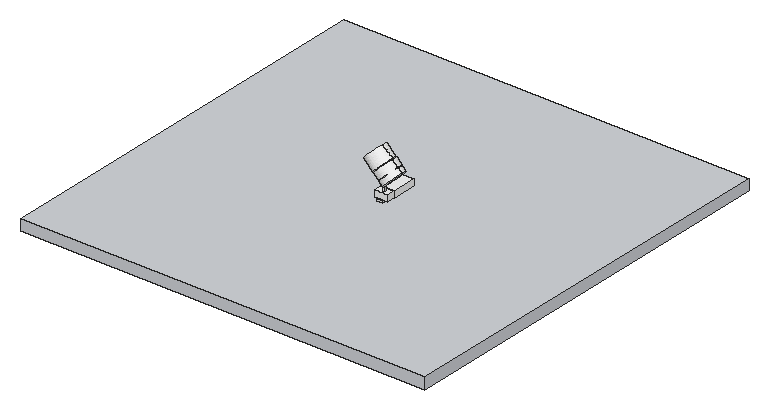
Revit family "Zumtobel VIVO L LED", category Lighting Fixtures, host Face, Revit 2016
Family settings
  Host = Face
  Part Type = Normal
  Round Connector Dimension = Use Diameter
  OmniClass Number = 23.80.70.11
  OmniClass Title = Luminaries for Internal Lighting
  Cut with Voids When Loaded = No
  Light Source = No
  Shared = No
  Room Calculation Point = No
Parameters (values of type "VIVO L LED4800 3CV")
  Width = 260.00 mm
  Voltage = 230 V
  URL = "http://www.zumtobel.com/60714859"
  Type Comments = "© Zumtobel. We reserve the right to make technical changes without prior notice."  # constant formula
  Tecton Track = no
  Model = "60714859"
  Manufacturer = "Zumtobel Lighting"  # constant formula
  Length = 130.00 mm  # constant formula
  Lamp = "LED"
  Height = 250.00 mm
  Emit Shape Visible in Rendering = yes
  Description = "LED Spotlight - Large"
  Body Type = Zumtobel VIVO L Body : VIVO L LED4800 3CV
  Body [instance] = Zumtobel_Metal_White
  Apparent Load = 58.5 VA
  Angle [instance] = 45.00°
  Rotation [instance] = 90.00°
  Default Elevation = 0.00 mm
  Assembly Code = "D5020200"
  Converter [instance] = Zumtobel_Metal_White
  3CV Track = not(Tecton Track)  # yes
Types (8, lengths in mm): name | Width | URL | Tecton Track | Model | Height | Body Type | Apparent Load | 3CV Track
  VIVO L LED6000 3CV | 260.00 | "http://www.zumtobel.com/60714032" | no | "60714032" | 250.00 | Zumtobel VIVO L Body : VIVO L LED6000 3CV | 58.5 VA | yes
  VIVO L LED6000 TEC | 498.00 | "http://www.zumtobel.com/60714056" | yes | "60714056" | 232.00 | Zumtobel VIVO L Body : VIVO L LED6000 TEC | 61.2 VA | no
  VIVO L LED5000 3CV | 260.00 | "http://www.zumtobel.com/60714068" | no | "60714068" | 250.00 | Zumtobel VIVO L Body : VIVO L LED5000 3CV | 58.5 VA | yes
  VIVO L LED5000 TEC | 498.00 | "http://www.zumtobel.com/60714092" | yes | "60714092" | 232.00 | Zumtobel VIVO L Body : VIVO L LED5000 TEC | 61.2 VA | no
  VIVO L LED5800 3CV | 260.00 | "http://www.zumtobel.com/60714835" | no | "60714835" | 250.00 | Zumtobel VIVO L Body : VIVO L LED5800 3CV | 58.5 VA | yes
  VIVO L LED5800 TEC | 498.00 | "http://www.zumtobel.com/60714851" | yes | "60714851" | 232.00 | Zumtobel VIVO L Body : VIVO L LED5800 TEC | 58.5 VA | no
  VIVO L LED4800 3CV | 260.00 | "http://www.zumtobel.com/60714859" | no | "60714859" | 250.00 | Zumtobel VIVO L Body : VIVO L LED4800 3CV | 58.5 VA | yes
  VIVO L LED4800 TEC | 260.00 | "http://www.zumtobel.com/60714875" | yes | "60714875" | 250.00 | Zumtobel VIVO L Body : VIVO L LED4800 TEC | 58.5 VA | no
Reference planes
  plane 1 "Center (Front/Back)": y = 0
  plane 2: z = 0
  plane 3 "Center (Left/Right)": x = 0
  plane 4: z = 132.95
  plane 5: y = 74.5
Forms (mm)
  Extrusion 1, solid
    sketch origin (0, 0, 0) x (1, 0, 0) y (0, 1, 0)
      loop
        line (-1219.2, 1219.2) -> (-1219.2, -1219.2) -> (1219.2, -1219.2) -> (1219.2, 1219.2) -> (-1219.2, 1219.2)
    from 0 to -66.193
  Extrusion 2, solid, material "Zumtobel_Metal_White" <- "Converter", visible <- "3CV Track"
    sketch origin (0, -500, 0) x (0, 1, 0) y (0, 0, 1)
      loop
        line (685, 8) -> (464, 8) -> (464, 0) -> (685, 0) -> (685, 8)
    from -17 to 17
  Extrusion 3, solid, material "Zumtobel_Metal_White" <- "Body"
    sketch origin (0, -500, 0) x (1, 0, 0) y (0, 1, 0)
      loop
        circle (0, 500) r 6
    from 46 to 128.819
  Extrusion 4, solid, material "Zumtobel_Metal_White" <- "Converter"
    sketch origin (0, -270, 0) x (0, 1, 0) y (0, 0, 1)
      loop
        line (442, 46) -> (295.5, 46) -> (295.5, 8) -> (442, 8) -> (442, 46)
      loop
        line (293, 46) -> (247, 46) -> (247, 8) -> (293, 8) -> (293, 46)
    from -41.5 to 41.5
  Extrusion 5, solid, material "Zumtobel_Metal_White" <- "Converter"
    sketch origin (0, -272.5, 0) x (0, 1, 0) y (0, 0, 1)
      loop
        line (298, 43.5) -> (295.5, 43.5) -> (295.5, 8) -> (298, 8) -> (298, 43.5)
    from -39 to 39
  Extrusion 6, solid, material "Zumtobel_Metal_White" <- "Converter", visible <- "Tecton Track"
    sketch origin (0, 0, 0) x (1, 0, 0) y (0, 0, 1)
      loop
        line (-30, -3.072) -> (-27.125, -3.072) -> (-27.125, -6.078) -> (-21.81, -6.078) -> (-21.81, 0) -> (21.81, 0) -> (21.81, -6.078) -> (27.125, -6.078) -> (27.125, -3.072) -> (30, -3.072) -> (30, 8) -> (-30, 8) -> (-30, -3.072)
    from -299.5 to 150.5
Lines and regions (mm)
  reference lines
    curve 1: line (901.7, 0, 0) -> (0, 0, 0)
Dimensions and locks
  locked: plane 4 to plane 2 at 132.95
  "Rotation": angle curve 1 to plane 3 "Center (Left/Right)"
  aligned and locked: plane 2 to Extrusion 1
  aligned and locked: level to Extrusion 1
  aligned and locked: plane 1 "Center (Front/Back)" to curve 1
  aligned and locked: plane 3 "Center (Left/Right)" to curve 1
  aligned: nested 1 to plane 1 "Center (Front/Back)"  (x2)
  aligned: curve 1 to nested 1
  aligned and locked: curve 1 to nested 1
Automatic sketch dimensions
  Extrusion 1 sketch curve to Extrusion 1 sketch curve = 2438.40 mm  (x2)
  Extrusion 2 sketch curve to level = 0.00 mm
  Extrusion 2 sketch curve to Extrusion 2 sketch curve = 8.00 mm
  plane 1 "Center (Front/Back)" to Extrusion 3 sketch curve = 0.00 mm
  Extrusion 3 sketch curve to plane 3 "Center (Left/Right)" = 0.00 mm
  level to Extrusion 5 sketch curve = 8.00 mm
  Extrusion 5 sketch curve to Extrusion 5 sketch curve = 35.50 mm
  Extrusion 5 sketch curve to Extrusion 5 sketch curve = 2.50 mm
  Extrusion 5 sketch curve to plane 1 "Center (Front/Back)" = 23.00 mm
  level to Extrusion 4 sketch curve = 8.00 mm  (x2)
  Extrusion 4 sketch curve to plane 1 "Center (Front/Back)" = 23.00 mm
  Extrusion 4 sketch curve to Extrusion 4 sketch curve = 2.50 mm
  Extrusion 4 sketch curve to Extrusion 4 sketch curve = 38.00 mm  (x2)
  Extrusion 6 sketch curve to level = 0.00 mm
  Extrusion 6 sketch curve to level = 3.072 mm  (x2)
  Extrusion 6 sketch curve to plane 3 "Center (Left/Right)" = 30.00 mm
  Extrusion 6 sketch curve to Extrusion 6 sketch curve = 2.875 mm  (x2)
  Extrusion 6 sketch curve to Extrusion 6 sketch curve = 5.315 mm  (x2)
  plane 3 "Center (Left/Right)" to Extrusion 6 sketch curve = 21.81 mm
  Extrusion 6 sketch curve to level = 6.078 mm
  Extrusion 6 sketch curve to Extrusion 6 sketch curve = 3.006 mm
  level to Extrusion 6 sketch curve = 8.00 mm
  plane 5 to Extrusion 2 sketch curve = 110.50 mm
  plane 5 to Extrusion 4 sketch curve = 97.50 mm
  plane 1 "Center (Front/Back)" to Extrusion 2 sketch curve = 36.00 mm
  plane 1 "Center (Front/Back)" to Extrusion 4 sketch curve = 23.00 mm
  radius of Extrusion 3 sketch curve = 6.00 mm
Nested families
  nested 1: "Zumtobel VIVO L Body" at (155, -200, 132.95) x (0, -1, 0) z (0, 0, -1), Angle <- "Angle", type <- "Body Type", Body <- "Body", type "VIVO L LED4800 3CV"
    with Body Zumtobel_Metal_White, Angle 45.00°
Connectors
  electrical at (0, 0, 0), driven by "Apparent Load", driven by "Voltage"
    settings: index 1, voltage 230 V, apparent load 0 VA, apparent load phase1 58.5 VA, apparent load phase2 0 VA, apparent load phase3 0 VA, power factor 1, load classification "Lighting", number of poles 1, system type 31, power factor state 1, is connector primary yes, connector utility no, sub classification motor no, connector description ""
Definition of nested family "Zumtobel VIVO L Body"
  Parameters (values of type "VIVO L 27W")
    Wattage = 13.4642 W
    built-in parameter 1150110 = 1 (stored number, unit not read)
    URL = ""
    built-in parameter 1114217 = 1 (stored number, unit not read)
    Tilt Angle = 60.00°
    built-in parameter 1150109 = 1 (stored number, unit not read)
    built-in parameter 1150134 = (empty or 0)
    built-in parameter 1150113 = 1 (stored number, unit not read)
    Photometric Web File = "ST6690.IES"
    Model = ""
    Manufacturer = "Zumtobel Lighting"  # constant formula
    built-in parameter 1150105 = 159.15 (stored number, unit not read)
    Lumens = 2000 lm
    built-in parameter 1150115 = 1 (stored number, unit not read)
    built-in parameter 1150137 = (empty or 0)
    built-in parameter 1150139 = (empty or 0)
    built-in parameter 1150112 = 1 (stored number, unit not read)
    built-in parameter 1150114 = 1 (stored number, unit not read)
    Lamp = ""
    built-in parameter 1150132 = 2
    built-in parameter 1150102 = (empty or 0)
    built-in parameter 1150107 = 3000 (stored number, unit not read)
    built-in parameter 1150138 = (empty or 0)
    built-in parameter 1150106 = 1.5915 (stored number, unit not read)
    built-in parameter 1150104 = 13.8 (stored number, unit not read)
    Dimming Lamp Color Temperature Shift = (empty or 0)
    Description = "Zumtobel VIVO L LED Body"  # constant formula
    Default Elevation = 0.00 mm
    Color Filter = 16777215
    Body [instance] = none
    built-in parameter 1114218 = 1 (stored number, unit not read)
    built-in parameter 1150133 = 10 (stored number, unit not read)
    Assembly Code = ""
    Apparent Load = 0 VA
    Angle [instance] = 90.00°
  Reference planes
    plane 1 "Top": z = 0
    plane 2 "Center (Front/Back)": y = -155
    plane 3 "Center (Left/Right)": x = -200
  Forms (mm)
    Revolve 1, solid, material <- "Body"
      sketch origin (-200, -155, 0) x (0, 0, -1) y (0, 1, 0)
        loop
          line (32.93, -24.952) -> (32.93, -22.41) -> (36.165, -22.41) -> (36.165, -24.952) -> (117.048, -24.952) -> (117.048, -17.214) -> (108.959, -14.119) -> (108.959, 40.048) -> (-47.952, 40.048) -> (-47.952, -24.952) -> (32.93, -24.952)
        axis (117.048, 40.048) -> (-47.952, 40.048)
      angle from 0 to 360
    Extrusion 2, void
      sketch origin (-200, -155, 0) x (0, 0, 1) y (0, 1, 0)
        loop
          line (5.805, 0) -> (5.805, -42.477) -> (54.926, -42.477) -> (54.926, 0) -> (5.805, 0)
      from -9 to 9
    Sweep 3, void
      path origin (-200, -155, 0) x (0, 0, -1) y (0, 1, 0)
        loop
          line (-47.952, 0) -> (-5.805, 0) -> (-5.805, -24.952)
      profile "Cut Profile 1 : Cut Profile 1" origin (-200, -155, 26.879) x (0, 1, 0) y (1, 0, 0)
        loop
          line (0, 9) -> (0, -9)
          arc (0, -9) -> (9, 0) -> (0, 9) r 9
    Sweep 4, void
      path origin (-200, -155, 0) x (0, 0, -1) y (0, 1, 0)
        loop
          line (-47.952, 0) -> (-12.952, 0)
      profile "Cut Profile 2 : Cut Profile 2" origin (-200, -155, 30.452) x (0, 1, 0) y (1, 0, 0)
        loop
          arc (27.069, -61.148) -> (33.002, -62.107) -> (39, -62.492) r 62.5
          line (39, -62.492) -> (39, -49.99)
          arc (39, -49.99) -> (34.402, -49.686) -> (29.851, -48.959) r 50
          line (29.851, -48.959) -> (27.069, -61.148)
        loop
          arc (13.787, -56.737) -> (19.358, -58.993) -> (25.119, -60.703) r 62.5
          line (25.119, -60.703) -> (27.901, -48.514)
          arc (27.901, -48.514) -> (23.486, -47.194) -> (19.211, -45.473) r 50
          line (19.211, -45.473) -> (13.787, -56.737)
        loop
          arc (1.819, -49.482) -> (6.748, -52.92) -> (11.985, -55.869) r 62.5
          line (11.985, -55.869) -> (17.409, -44.606)
          arc (17.409, -44.606) -> (13.398, -42.336) -> (9.614, -39.707) r 50
          line (9.614, -39.707) -> (1.819, -49.482)
        loop
          arc (-8.235, -39.745) -> (-4.194, -44.194) -> (0.255, -48.235) r 62.5
          line (0.255, -48.235) -> (8.05, -38.46)
          arc (8.05, -38.46) -> (4.645, -35.355) -> (1.54, -31.95) r 50
          line (1.54, -31.95) -> (-8.235, -39.745)
        loop
          arc (-15.869, -28.015) -> (-12.92, -33.252) -> (-9.482, -38.181) r 62.5
          line (-9.482, -38.181) -> (0.293, -30.386)
          arc (0.293, -30.386) -> (-2.336, -26.602) -> (-4.606, -22.591) r 50
          line (-4.606, -22.591) -> (-15.869, -28.015)
        loop
          arc (-5.473, -20.789) -> (-7.299, -16.213) -> (-8.665, -11.479) r 50
          line (-8.665, -11.479) -> (-21.437, -11.479)
          arc (-21.437, -11.479) -> (-19.545, -18.992) -> (-16.737, -26.213) r 62.5
          line (-16.737, -26.213) -> (-5.473, -20.789)
        loop
          line (27.069, 61.148) -> (29.851, 48.959)
          arc (29.851, 48.959) -> (34.402, 49.686) -> (39, 49.99) r 50
          line (39, 49.99) -> (39, 62.492)
          arc (39, 62.492) -> (33.002, 62.107) -> (27.069, 61.148) r 62.5
        loop
          line (13.787, 56.737) -> (19.211, 45.473)
          arc (19.211, 45.473) -> (23.486, 47.194) -> (27.901, 48.514) r 50
          line (27.901, 48.514) -> (25.119, 60.703)
          arc (25.119, 60.703) -> (19.358, 58.993) -> (13.787, 56.737) r 62.5
        loop
          line (1.819, 49.482) -> (9.614, 39.707)
          arc (9.614, 39.707) -> (13.398, 42.336) -> (17.409, 44.606) r 50
          line (17.409, 44.606) -> (11.985, 55.869)
          arc (11.985, 55.869) -> (6.748, 52.92) -> (1.819, 49.482) r 62.5
        loop
          line (-8.235, 39.745) -> (1.54, 31.95)
          arc (1.54, 31.95) -> (4.645, 35.355) -> (8.05, 38.46) r 50
          line (8.05, 38.46) -> (0.255, 48.235)
          arc (0.255, 48.235) -> (-4.194, 44.194) -> (-8.235, 39.745) r 62.5
        loop
          line (-15.869, 28.015) -> (-4.606, 22.591)
          arc (-4.606, 22.591) -> (-2.336, 26.602) -> (0.293, 30.386) r 50
          line (0.293, 30.386) -> (-9.482, 38.181)
          arc (-9.482, 38.181) -> (-12.92, 33.252) -> (-15.869, 28.015) r 62.5
        loop
          line (52.931, -61.148) -> (50.149, -48.959)
          arc (50.149, -48.959) -> (45.598, -49.686) -> (41, -49.99) r 50
          line (41, -49.99) -> (41, -62.492)
          arc (41, -62.492) -> (46.998, -62.107) -> (52.931, -61.148) r 62.5
        loop
          line (66.213, -56.737) -> (60.789, -45.473)
          arc (60.789, -45.473) -> (56.514, -47.194) -> (52.099, -48.514) r 50
          line (52.099, -48.514) -> (54.881, -60.703)
          arc (54.881, -60.703) -> (60.642, -58.993) -> (66.213, -56.737) r 62.5
        loop
          line (78.181, -49.482) -> (70.386, -39.707)
          arc (70.386, -39.707) -> (66.602, -42.336) -> (62.591, -44.606) r 50
          line (62.591, -44.606) -> (68.015, -55.869)
          arc (68.015, -55.869) -> (73.252, -52.92) -> (78.181, -49.482) r 62.5
        loop
          line (88.235, -39.745) -> (78.46, -31.95)
          arc (78.46, -31.95) -> (75.355, -35.355) -> (71.95, -38.46) r 50
          line (71.95, -38.46) -> (79.745, -48.235)
          arc (79.745, -48.235) -> (84.194, -44.194) -> (88.235, -39.745) r 62.5
        loop
          line (95.869, -28.015) -> (84.606, -22.591)
          arc (84.606, -22.591) -> (82.336, -26.602) -> (79.707, -30.386) r 50
          line (79.707, -30.386) -> (89.482, -38.181)
          arc (89.482, -38.181) -> (92.92, -33.252) -> (95.869, -28.015) r 62.5
        loop
          line (100.703, -14.881) -> (88.514, -12.099)
          arc (88.514, -12.099) -> (87.194, -16.514) -> (85.473, -20.789) r 50
          line (85.473, -20.789) -> (96.737, -26.213)
          arc (96.737, -26.213) -> (98.993, -20.642) -> (100.703, -14.881) r 62.5
        loop
          line (88.959, -10.149) -> (101.148, -12.931)
          arc (101.148, -12.931) -> (102.107, -6.998) -> (102.492, -1) r 62.5
          line (102.492, -1) -> (89.99, -1)
          arc (89.99, -1) -> (89.686, -5.598) -> (88.959, -10.149) r 50
        loop
          arc (-8.665, 11.479) -> (-7.299, 16.213) -> (-5.473, 20.789) r 50
          line (-5.473, 20.789) -> (-16.737, 26.213)
          arc (-16.737, 26.213) -> (-19.545, 18.992) -> (-21.437, 11.479) r 62.5
          line (-21.437, 11.479) -> (-8.665, 11.479)
        loop
          arc (52.931, 61.148) -> (46.998, 62.107) -> (41, 62.492) r 62.5
          line (41, 62.492) -> (41, 49.99)
          arc (41, 49.99) -> (45.598, 49.686) -> (50.149, 48.959) r 50
          line (50.149, 48.959) -> (52.931, 61.148)
        loop
          arc (66.213, 56.737) -> (60.642, 58.993) -> (54.881, 60.703) r 62.5
          line (54.881, 60.703) -> (52.099, 48.514)
          arc (52.099, 48.514) -> (56.514, 47.194) -> (60.789, 45.473) r 50
          line (60.789, 45.473) -> (66.213, 56.737)
        loop
          arc (78.181, 49.482) -> (73.252, 52.92) -> (68.015, 55.869) r 62.5
          line (68.015, 55.869) -> (62.591, 44.606)
          arc (62.591, 44.606) -> (66.602, 42.336) -> (70.386, 39.707) r 50
          line (70.386, 39.707) -> (78.181, 49.482)
        loop
          arc (88.235, 39.745) -> (84.194, 44.194) -> (79.745, 48.235) r 62.5
          line (79.745, 48.235) -> (71.95, 38.46)
          arc (71.95, 38.46) -> (75.355, 35.355) -> (78.46, 31.95) r 50
          line (78.46, 31.95) -> (88.235, 39.745)
        loop
          arc (95.869, 28.015) -> (92.92, 33.252) -> (89.482, 38.181) r 62.5
          line (89.482, 38.181) -> (79.707, 30.386)
          arc (79.707, 30.386) -> (82.336, 26.602) -> (84.606, 22.591) r 50
          line (84.606, 22.591) -> (95.869, 28.015)
        loop
          arc (100.703, 14.881) -> (98.993, 20.642) -> (96.737, 26.213) r 62.5
          line (96.737, 26.213) -> (85.473, 20.789)
          arc (85.473, 20.789) -> (87.194, 16.514) -> (88.514, 12.099) r 50
          line (88.514, 12.099) -> (100.703, 14.881)
        loop
          arc (88.959, 10.149) -> (89.686, 5.598) -> (89.99, 1) r 50
          line (89.99, 1) -> (102.492, 1)
          arc (102.492, 1) -> (102.107, 6.998) -> (101.148, 12.931) r 62.5
          line (101.148, 12.931) -> (88.959, 10.149)
  Cuts and joins
    Extrusion 2, Sweep 3, Sweep 4 cuts Revolve 1
  Lines and regions (mm)
    reference lines
      curve 1: line (-200, -155, 0) -> (-200, -155, -108.959)
      curve 2: line (-200, -114.952, -108.959) -> (-200, -155, -108.959)
  Dimensions and locks
    "Angle": angle curve 1 to plane 1 "Top"
    aligned and locked: level to plane 1 "Top"
    aligned and locked: plane 1 "Top" to curve 1
    aligned and locked: plane 2 "Center (Front/Back)" to curve 1
    aligned: imposter light to curve 2  (x3)
    aligned and locked: imposter light to curve 2  (x2)
    aligned and locked: Sweep 3 sketch curve to curve 1
    aligned: cut or joined group of Revolve 1, Extrusion 2, Sweep 3, Sweep 4 to cut or joined group of Revolve 1, Extrusion 2, Sweep 3, Sweep 4
    aligned and locked: Sweep 4 sketch curve to curve 1
  Automatic sketch dimensions
    curve 1 to Revolve 1 sketch curve = 0.00 mm
    Revolve 1 sketch curve to curve 1 = 14.119 mm
    curve 1 to Revolve 1 sketch curve = 40.048 mm
    curve 1 to Revolve 1 sketch curve = 36.165 mm
    Revolve 1 sketch curve to Revolve 1 sketch curve = 3.235 mm
    Revolve 1 sketch curve to curve 1 = 47.952 mm
    Revolve 1 sketch curve to Revolve 1 sketch curve = 10.00 mm
    Revolve 1 sketch curve to Revolve 1 sketch curve = 22.00 mm
    curve 1 to Revolve 1 sketch curve = 8.088 mm
    Revolve 1 sketch curve to curve 1 = 17.214 mm
    curve 1 to Revolve 1 sketch curve = 22.41 mm
    curve 1 to Revolve 1 sketch curve = 24.952 mm
    Revolve 1 sketch curve to Revolve 1 sketch curve = 2.542 mm
    Revolve 1 sketch curve to Revolve 1 sketch curve = 0.00 mm
    curve 2 to curve 1 = 0.00 mm  (x2)
    curve 1 to curve 2 = 40.048 mm
    Extrusion 2 sketch curve to curve 1 = 0.00 mm
    curve 1 to Extrusion 2 sketch curve = 5.805 mm
    curve 1 to Extrusion 2 sketch curve = 54.926 mm
    Extrusion 2 sketch curve to curve 1 = 42.477 mm
    Sweep 3 sketch curve to curve 1 = 47.952 mm
    Sweep 3 sketch curve to curve 1 = 5.805 mm
    Sweep 3 sketch curve to curve 1 = 24.952 mm
    Sweep 4 sketch curve to curve 1 = 47.952 mm
    Sweep 4 sketch curve to curve 1 = 12.952 mm
